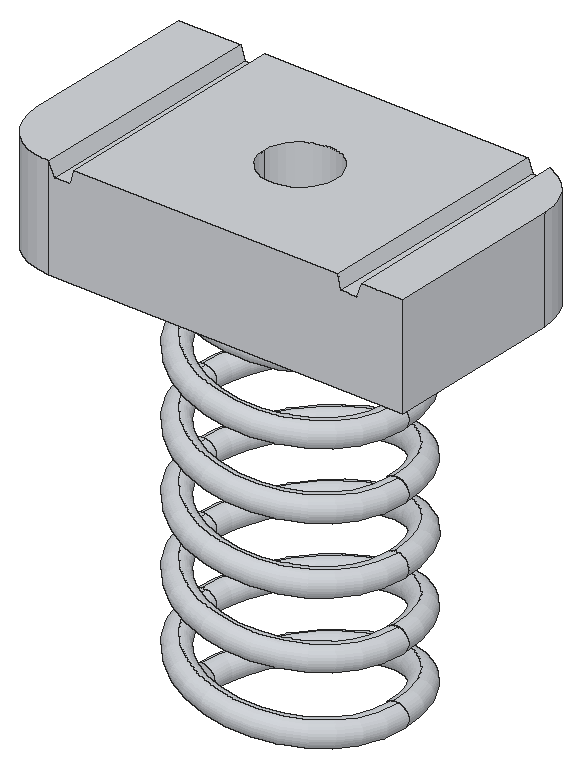
Revit family "CS28", category Generic Models, Revit 2017
Family settings
  Can host rebar = No
  Round Connector Dimension = Use Diameter
  Part Type = Normal
  Work Plane-Based = Yes
  Always vertical = No
  Cut with Voids When Loaded = No
  Shared = No
  Room Calculation Point = No
Parameters (values of type "NBS Standard Parameters")
  Weight = "0.0311Kg"
  WarrantyStartDate [instance] = "1900-12-31T23:59:59"
  WarrantyGuarantorParts = "n/a"
  WarrantyGuarantorLabor = "n/a"
  WarrantyDurationUnit = "year"
  WarrantyDurationParts = "n/a"
  WarrantyDurationLabor = "n/a"
  WarrantyDescription = "n/a"
  Version = "1"
  Uniclass2 = "Pr_65_70_11_19"
  TagNumber [instance] = "n/a"
  SustainabilityPerformance = "n/a"
  Size = "M6"
  Shape = "Rectangular"
  SerialNumber [instance] = "n/a"
  Revision = "n/a"
  ReplacementCost = "n/a"
  ProductInformation = ""
  NominalWidth = 19.5 mm
  NominalLength = 34.5 mm
  NominalHeight = 6 mm
  Name = ""
  NBSTypeID = ""
  NBSReference = "90-55-10/305"
  NBSOfficeMasterTag = ""
  NBSNote = ""
  NBSDescription = "Channel Cable Supports"
  NBSCertification = ""
  ModelReference = "CS28"
  ModelNumber = "n/a"
  Material = "Steel"
  ManufacturerURL = "www.metpro.co.uk"
  ManufacturerName = "Metpro Ltd"
  InstallationDate [instance] = "1900-12-31T23:59:59"
  IfcExportType = ""
  IfcExportAs = ""
  Grade = "n/a"
  Finish = "BZP"
  Features = "n/a"
  ExpectedLife = "n/a"
  DurationUnit = "year"
  Description = "NBS standard template"
  Default Elevation = 1219.2 mm
  Constituents = "n/a"
  Color = "n/a"
  CodePerformance = "n/a"
  Category = "n/a"
  BarCode [instance] = "n/a"
  BIMObjectName = "Role_Source_Type_Generic"
  Author = "Metpro Limited"
  AssetType = ""
  AssetIdentifier [instance] = "n/a"
  AccessibilityPerformance = "n/a"
Reference planes
  plane 1 "Center (Front/Back)": y = 0
  plane 2: z = 0
  plane 3 "Center (Left/Right)": x = 0
Forms (mm)
  Sweep 1, solid
    path origin (-185.143, 121.193, 18.805) x (0, -1, 0) y (-0.984808, 0, 0.173648)
      loop
        arc (100.907, -53) -> (108.907, -45) -> (100.907, -37) r 8
    profile origin (-140.826, 12.285, 10.991) x (0, 1, 0) y (-0.173648, 0, -0.984808)
      loop
        circle (0, 0) r 1
  Sweep 2, solid
    path origin (-185.182, -80.622, 0.404) x (0, 1, 0) y (0.984808, 0, 0.173648)
      loop
        arc (100.907, 53) -> (108.907, 45) -> (100.907, 37) r 8
    profile origin (-140.865, 28.285, 8.218) x (0, 1, 0) y (0.173648, 0, -0.984808)
      loop
        circle (0, 0) r 1
  Sweep 3, solid
    path origin (-185.143, 121.193, 13.307) x (0, -1, 0) y (-0.984808, 0, 0.173648)
      loop
        arc (100.907, -53) -> (108.907, -45) -> (100.907, -37) r 8
    profile origin (-140.826, 12.285, 5.493) x (0, 1, 0) y (-0.173648, 0, -0.984808)
      loop
        circle (0, 0) r 1
  Sweep 4, solid
    path origin (-185.182, -80.622, -5.094) x (0, 1, 0) y (0.984808, 0, 0.173648)
      loop
        arc (100.907, 53) -> (108.907, 45) -> (100.907, 37) r 8
    profile origin (-140.865, 28.285, 2.72) x (0, 1, 0) y (0.173648, 0, -0.984808)
      loop
        circle (0, 0) r 1
  Sweep 5, solid
    path origin (-185.143, 121.193, 7.83) x (0, -1, 0) y (-0.984808, 0, 0.173648)
      loop
        arc (100.907, -53) -> (108.907, -45) -> (100.907, -37) r 8
    profile origin (-140.826, 12.285, 0.016) x (0, 1, 0) y (-0.173648, 0, -0.984808)
      loop
        circle (0, 0) r 1
  Sweep 6, solid
    path origin (-185.182, -80.622, -10.571) x (0, 1, 0) y (0.984808, 0, 0.173648)
      loop
        arc (100.907, 53) -> (108.907, 45) -> (100.907, 37) r 8
    profile origin (-140.865, 28.285, -2.757) x (0, 1, 0) y (0.173648, 0, -0.984808)
      loop
        circle (0, 0) r 1
  Sweep 7, solid
    path origin (-185.143, 121.193, 2.367) x (0, -1, 0) y (-0.984808, 0, 0.173648)
      loop
        arc (100.907, -53) -> (108.907, -45) -> (100.907, -37) r 8
    profile origin (-140.826, 12.285, -5.447) x (0, 1, 0) y (-0.173648, 0, -0.984808)
      loop
        circle (0, 0) r 1
  Sweep 8, solid
    path origin (-185.143, -80.622, -16.034) x (0, 1, 0) y (0.984808, 0, 0.173648)
      loop
        arc (100.907, 53) -> (108.907, 45) -> (100.907, 37) r 8
    profile origin (-140.826, 28.285, -8.22) x (0, 1, 0) y (0.173648, 0, -0.984808)
      loop
        circle (0, 0) r 1
  Sweep 9, solid
    path origin (-185.143, 121.193, -3.116) x (0, -1, 0) y (-0.984808, 0, 0.173648)
      loop
        arc (100.907, -53) -> (108.907, -45) -> (100.907, -37) r 8
    profile origin (-140.826, 12.285, -10.93) x (0, 1, 0) y (-0.173648, 0, -0.984808)
      loop
        circle (0, 0) r 1
  Sweep 10, solid
    path origin (-185.182, -80.622, -21.517) x (0, 1, 0) y (0.984808, 0, 0.173648)
      loop
        arc (100.907, 53) -> (108.907, 45) -> (100.907, 37) r 8
    profile origin (-140.865, 28.285, -13.703) x (0, 1, 0) y (0.173648, 0, -0.984808)
      loop
        circle (0, 0) r 1
  Extrusion 11, solid
    sketch origin (-148.705, 20.285, 12.38) x (-0.173648, 0, -0.984808) y (-0.984808, 0, 0.173648)
      loop
        line (0.158, -0.256) -> (-1.146, 1.606) -> (-1.587, -0.891) -> (0.158, -0.256)
    from 0 to 0.704
  Extrusion 12, solid
    sketch origin (-147.552, 20.285, 13.788) x (-1, 0, 0) y (0, -1, 0)
      loop
        line (-17.868, -9.846) -> (11.132, -9.846) -> (11.132, 4.654)
        arc (11.132, 4.654) -> (9.668, 8.189) -> (6.132, 9.654) r 5
        line (6.132, 9.654) -> (-22.868, 9.654) -> (-22.868, -4.846)
        arc (-22.868, -4.846) -> (-21.403, -8.382) -> (-17.868, -9.846) r 5
      loop
        circle (-6.725, 0) r 3
    from -2.362 to 5.968
  Blend 13, void
    base sketch origin (-147.552, 20.285, 19.755) x (1, 0, 0) y (0, -1, 0)
      loop
        line (-4.351, 10.616) -> (-5.663, 10.616) -> (-5.663, -11.971) -> (-4.351, -11.971) -> (-4.351, 10.616)
    top sketch origin (-147.552, 20.285, 19.755) x (1, 0, 0) y (0, -1, 0)
      loop
        line (-3.927, 10.616) -> (-6.171, 10.616) -> (-6.171, -11.971) -> (-3.927, -11.971) -> (-3.927, 10.616)
    from 1.069 to -0.53
  Sweep 14, solid
    path origin (-185.143, 121.193, -8.668) x (0, -1, 0) y (-0.984808, 0, 0.173648)
      loop
        arc (100.907, -53) -> (108.907, -45) -> (100.907, -37) r 8
    profile origin (-140.826, 12.285, -16.482) x (0, 1, 0) y (-0.173648, 0, -0.984808)
      loop
        circle (0, 0) r 1
  Sweep 15, solid
    path origin (-185.182, -80.622, -27.069) x (0, 1, 0) y (0.984808, 0, 0.173648)
      loop
        arc (100.907, 53) -> (108.907, 45) -> (100.907, 37) r 8
    profile origin (-140.865, 28.285, -19.255) x (0, 1, 0) y (0.173648, 0, -0.984808)
      loop
        circle (0, 0) r 1
  Extrusion 16, void
    sketch origin (-159.684, 10.632, 13.788) x (-1, 0, 0) y (0, 0, 1)
      loop
        line (-31.246, 4.898) -> (-29.933, 4.898) -> (-29.51, 6.498) -> (-31.754, 6.498) -> (-31.246, 4.898)
    from 0 to 21.624
Cuts and joins
  Blend 13, Extrusion 16 cuts Extrusion 12
Lines and regions (mm)
  model lines
    curve 1: line (-131.963, 20.285, 9.428) -> (-135.405, 20.285, 9.428)
    curve 2: line (-131.963, 20.285, 3.93) -> (-135.405, 20.285, 3.93)
    curve 3: line (-131.963, 20.285, -1.547) -> (-135.405, 20.285, -1.547)
Dimensions and locks
  aligned and locked: level to plane 2
